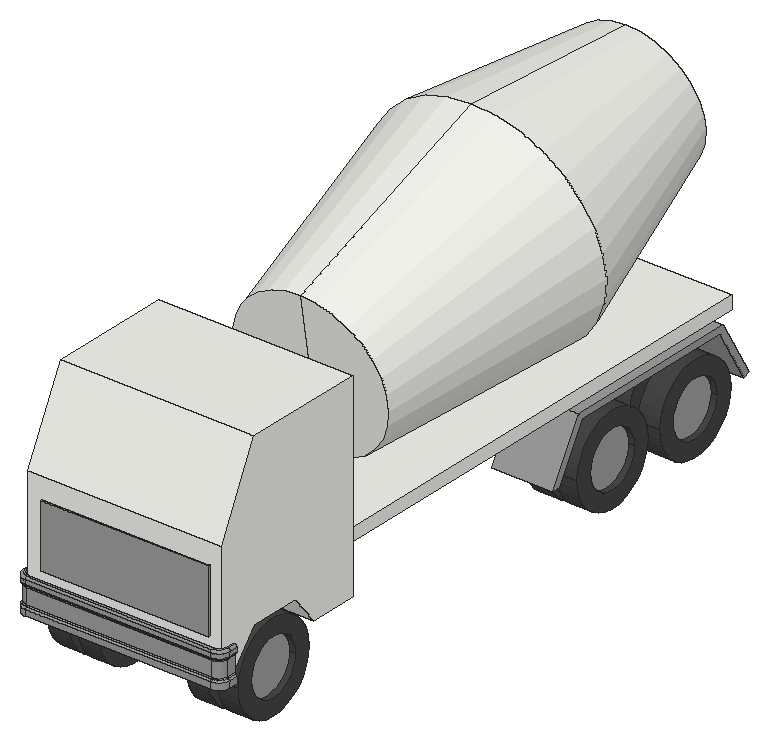
Revit family "M_Caminhão de concreto", category Terreno, Revit 2019
Family settings
  Cota do conector redondo = Utilizar diâmetro
  Tipo de parte = Normal
  ID de item do Seek = Concrete Truck-0000-CAN-ENU
  Com base no plano de trabalho = Não
  Sempre na vertical = Não
  Corte com vazios quando carregada = Não
  Compartilhado = Não
Parameters (values of type "Caminhão de concreto")
  Material da cabina = Metal, Acabamento de Pintura, Branco, Fosco
  Material de pneumático = Plástico, Preto Opaco
  Material do trailer = Metal, Acabamento de Pintura, Branco, Fosco
Reference planes
  plane 1 "Centro (Esquerda/Direita)": x = -43.962
  plane 2: z = 0
  plane 3 "Parte frontal": y = -4223.238
  plane 4: z = 457.2
  plane 5: z = 457.2
  plane 6: y = -4680.438
  plane 7: z = 457.2
  plane 8: z = 457.2
  plane 9 "Centro (Frente/Trás)": y = -146.538
  plane 10 "Parte posterior": y = 3930.162
Forms (mm)
  Extrusion 1, solid, material "Aço"
    sketch origin (-43.962, -4223.238, 0) x (0, -1, 0) y (1, 0, 0)
      loop
        line (-2540, 406.4) -> (-8001, 406.4) -> (-8001, -406.4) -> (-2540, -406.4) -> (-2540, -754.278) -> (-1219.2, -754.278) -> (-1219.2, 769.722) -> (-2540, 769.722) -> (-2540, 406.4)
    from 711.2 to 1219.2
  Extrusion 2, solid, material "Plástico, Preto Opaco" <- "Material de pneumático"
    sketch origin (-43.962, 1371.6, 0) x (0, -1, 0) y (0, 0, -1)
      loop
        circle (-1720.362, -514.35) r 520.7
      loop
        circle (4502.638, -514.35) r 520.7
      loop
        circle (-501.162, -514.35) r 520.7
      loop
        circle (4502.638, -514.35) r 330.2
      loop
        circle (-501.162, -514.35) r 330.2
      loop
        circle (-1720.362, -514.35) r 330.2
    from 873.125 to 1127.125
  Sweep 3, solid, material "Aço, Cromo polido"
    path origin (5638.8, 4648.2, 0) x (1, 0, 0) y (0, 1, 0)
      loop
        line (-6901.962, -8439.638) -> (-6901.962, -8541.238)
        arc (-6901.962, -8541.238) -> (-6864.764, -8631.041) -> (-6774.962, -8668.238) r 127
        line (-6774.962, -8668.238) -> (-4590.562, -8668.238)
        arc (-4590.562, -8668.238) -> (-4500.759, -8631.041) -> (-4463.562, -8541.238) r 127
        line (-4463.562, -8541.238) -> (-4463.562, -8439.638)
    profile origin (0, -3842.238, 0) x (1, 0, 0) y (0, 0, 1)
      loop
        line (-1263.162, 661.014) -> (-1212.362, 661.014) -> (-1212.362, 1067.414) -> (-1237.762, 1067.414)
        arc (-1237.762, 1067.414) -> (-1255.722, 1059.975) -> (-1263.162, 1042.014) r 25.4
        line (-1263.162, 1042.014) -> (-1263.162, 991.214) -> (-1243.66, 971.713)
        arc (-1243.66, 971.713) -> (-1238.154, 963.473) -> (-1236.221, 953.753) r 25.4
        line (-1236.221, 953.753) -> (-1236.221, 771.595)
        arc (-1236.221, 771.595) -> (-1238.154, 761.875) -> (-1243.66, 753.634) r 25.4
        line (-1243.66, 753.634) -> (-1263.162, 734.133) -> (-1263.162, 661.014)
  Extrusion 4, solid, material "Metal, Acabamento de Pintura, Branco, Fosco"
    sketch origin (-43.962, 1371.6, 0) x (0, -1, 0) y (0, 0, 1)
      loop
        line (4808.307, 3098.8) -> (3359.638, 3098.8) -> (3359.638, 762) -> (3931.138, 762) -> (4214.99, 1100.281) -> (4810.21, 1100.281) -> (5095.504, 760.281) -> (5289.665, 760.281) -> (5289.665, 2133.6) -> (4808.307, 3098.8)
    from -1143 to 1143
  Extrusion 5, solid, material "Plástico, Preto Opaco" <- "Material de pneumático"
    sketch origin (-43.962, 1371.6, 0) x (0, -1, 0) y (0, 0, 1)
      loop
        circle (-1720.362, 514.35) r 520.7
      loop
        circle (4502.638, 514.35) r 520.7
      loop
        circle (-501.162, 514.35) r 520.7
      loop
        circle (-1720.362, 514.35) r 330.2
      loop
        circle (-501.162, 514.35) r 330.2
      loop
        circle (4502.638, 514.35) r 330.2
    from 873.125 to 1127.125
  Revolve 6, solid, material "Metal, Acabamento de Pintura, Branco, Fosco"
    sketch origin (-43.962, 0, 0) x (0, -1, 0) y (0, 0, 1)
      loop
        line (1168.011, 2355.21) -> (-3620.309, 3197.729) -> (-3762.828, 2387.741) -> (-1686.164, 1454.737) -> (1009.571, 1454.737) -> (1168.011, 2355.21)
      axis (1168.011, 2355.21) -> (-3620.309, 3197.729)
    angle from 0 to 360
  Extrusion 7, solid, material "Metal, Acabamento de Pintura, Branco, Fosco"
    sketch origin (5638.8, 1371.6, 0) x (1, 0, 0) y (0, 1, 0)
      loop
        line (-6658.652, -3359.638) -> (-4677.452, -3359.638) -> (-4677.452, 2406.162) -> (-6658.652, 2406.162) -> (-6658.652, -3359.638)
    from 1219.2 to 1369.814
  Extrusion 8, solid, material "Plástico, Preto Opaco" <- "Material de pneumático"
    sketch origin (-409.087, 1371.6, 0) x (0, -1, 0) y (0, 0, -1)
      loop
        circle (-1720.362, -514.35) r 520.7
      loop
        circle (4502.638, -514.35) r 520.7
      loop
        circle (-501.162, -514.35) r 520.7
    from 873.125 to 1127.125
  Extrusion 9, solid, material "Plástico, Preto Opaco" <- "Material de pneumático"
    sketch origin (321.163, 1371.6, 0) x (0, -1, 0) y (0, 0, 1)
      loop
        circle (-1720.362, 514.35) r 520.7
      loop
        circle (4510.892, 511.427) r 520.7
      loop
        circle (-501.162, 514.35) r 520.7
    from 873.125 to 1127.125
  Extrusion 10, solid, material "Aço, Cromo polido"
    sketch origin (-1171.087, 1371.6, 0) x (0, -1, 0) y (0, 0, 1)
      loop
        line (-2504.642, 557.862) -> (-2438.219, 520.522) -> (-2088.29, 1143) -> (-43.263, 1143) -> (293.743, 559.289) -> (381.731, 559.289) -> (0.731, 1219.2) -> (-2132.869, 1219.2) -> (-2504.642, 557.862)
    from -720.725 to 0
  Extrusion 11, solid, material "Aço, Cromo polido"
    sketch origin (1083.163, 1371.6, 0) x (0, -1, 0) y (0, 0, -1)
      loop
        line (-2504.642, -557.862) -> (-2132.869, -1219.2) -> (0.731, -1219.2) -> (381.731, -559.289) -> (293.743, -559.289) -> (-43.263, -1143) -> (-2088.29, -1143) -> (-2438.219, -520.522) -> (-2504.642, -557.862)
    from -720.725 to 0
  Extrusion 12, solid, material "Aço"
    sketch origin (-1186.962, -3918.065, 760.281) x (1, 0, 0) y (0, 0, 1)
      loop
        line (166.7, 1132.987) -> (166.7, 382.719) -> (2148.31, 382.719) -> (2148.31, 1132.987) -> (166.7, 1132.987)
    from 0 to 23.416
  Extrusion 13, solid, material "Aço"
    sketch origin (-1171.087, 1371.6, 0) x (0, -1, 0) y (0, 0, 1)
      loop
        circle (4502.638, 514.35) r 330.2
      loop
        circle (-501.162, 514.35) r 330.2
      loop
        circle (-1720.362, 514.35) r 330.2
    from -254 to -98.227
  Extrusion 14, solid, material "Aço"
    sketch origin (1083.163, 1371.6, 0) x (0, -1, 0) y (0, 0, -1)
      loop
        circle (4500.819, -514.345) r 330.2
      loop
        circle (-502.981, -514.345) r 330.2
      loop
        circle (-1720.362, -514.35) r 330.2
    from -254 to -81.558
Lines and regions (mm)
  Split face 1
    outline origin (1099.038, 1371.6, 0) x (0, -1, 0) y (0, 0, 1)
      loop
        line (5134.482, 2060.692) -> (4686.521, 2939.865) -> (3664.438, 2939.865) -> (3664.438, 1066.786) -> (3944.637, 1066.786) -> (4157.769, 1320.786) -> (5134.482, 1320.786) -> (5134.482, 2060.692)
  Split face 2
    outline origin (1099.038, 1371.6, 0) x (0, -1, 0) y (0, 0, 1)
      loop
        line (4645.054, 2870.755) -> (3744.445, 2870.755) -> (3744.445, 2184.955) -> (4994.486, 2184.955) -> (4645.054, 2870.755)
  Split face 3
    outline origin (-1186.962, -3918.065, 2133.6) x (1, 0, 0) y (0, 0.446292, 0.894888)
      loop
        line (76.2, 80.718) -> (2199.11, 80.718) -> (2199.11, 918.918) -> (76.2, 918.918) -> (76.2, 80.718)
  Split face 4
    outline origin (-1186.962, 1371.6, 0) x (0, -1, 0) y (0, 0, 1)
      loop
        line (3664.438, 2939.865) -> (3664.438, 1066.786) -> (3944.637, 1066.786) -> (4157.769, 1320.786) -> (5137.638, 1320.786) -> (5137.638, 2033.444) -> (4685.595, 2939.865) -> (3664.438, 2939.865)
  Split face 5
    outline origin (-1186.962, 1371.6, 0) x (0, -1, 0) y (0, 0, 1)
      loop
        line (3742.556, 2870.755) -> (3742.556, 2184.955) -> (4991.428, 2184.955) -> (4649.411, 2870.755) -> (3742.556, 2870.755)
Dimensions and locks
  aligned and locked: Extrusion 5 to Extrusion 13
